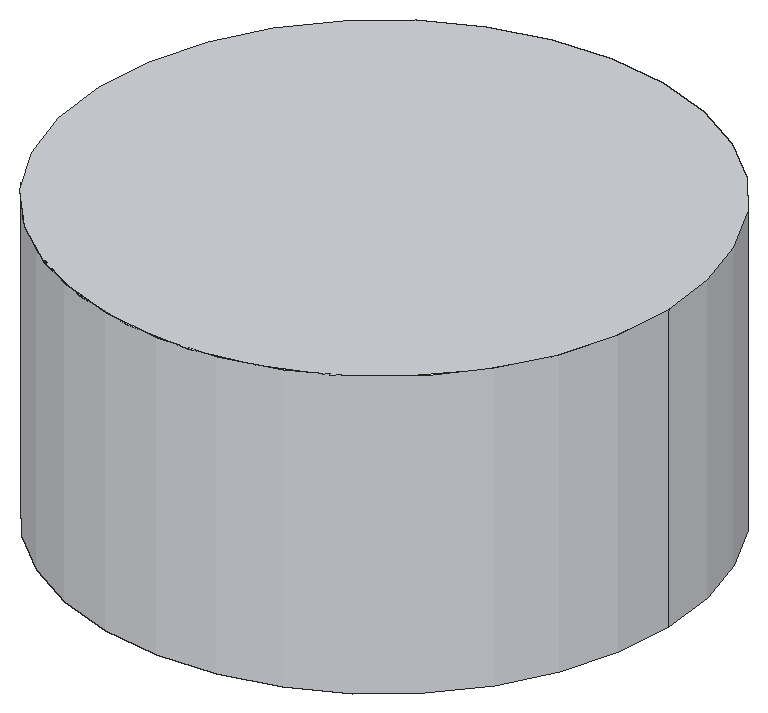
Revit family "ASF-18-C4", category Mechanical Equipment, Revit 2023
Family settings
  Round Connector Dimension = Use Diameter
  Classification = None
  Part Type = Normal
  OmniClass Number = 23.75.00.00
  OmniClass Title = Climate Control (HVAC)
  Work Plane-Based = No
  Always vertical = Yes
  Cut with Voids When Loaded = No
  Maintain Annotation Orientation = No
  Shared = No
  Room Calculation Point = No
Parameters (values of type "Standard")
  Volume = 0.0995653 CF
  Title = "Aura Solar Attic Fan - 18\" Diameter, 4\" Tall Collar"
  Subject = "ASF-18-C4"
  Requested Accuracy = "Low"
  Part Number = "ASF-18-C4"
  Mass = 12.2294 lbm
  Designer = "CAD Machine"
  Design State = 1
  Density = 122.828 lb/ft³
  Default Elevation = 0' - 0"
  Creation Date = "11/21/2022"
  Connector_1_Diameter = 1' - 5 3/4"
  Center of Gravity = "X: -0.020 in Y: -5.237 in Z: -0.041 in"
  Author = "CAD Machine"
  Area = 60.6922 SF
Reference planes (in)
  plane 1 "Center (Front/Back)": y = 0
  plane 2: z = 0
  plane 3 "Center (Left/Right)": x = 0
Forms (in)
  Extrusion 1, solid
    sketch origin (0, 0, -13.51341) x (1, 0, 0) y (0, 1, 0)
      loop
        circle (0, 0) r 0.12
    from 0 to -0.12
Dimensions and locks (in)
  aligned and locked: plane 2 to level
Connectors (in)
  hvac at (0, 0, -13.51341), driven by "Connector_1_Diameter"
    settings: on Extrusion 1, index 1, duct flow 0 CFM, flow factor 0, pres drop 0.00 in-wg, loss coef 0, conn angle 0.00°, conn width 12", conn height 12", conn diameter 17 3/4", duct sys type 3, conn prof type 0, flow config 1, flow direction 1, loss method 0, conn ref index -1, conn util no, is conn primary yes, conn desc ""
